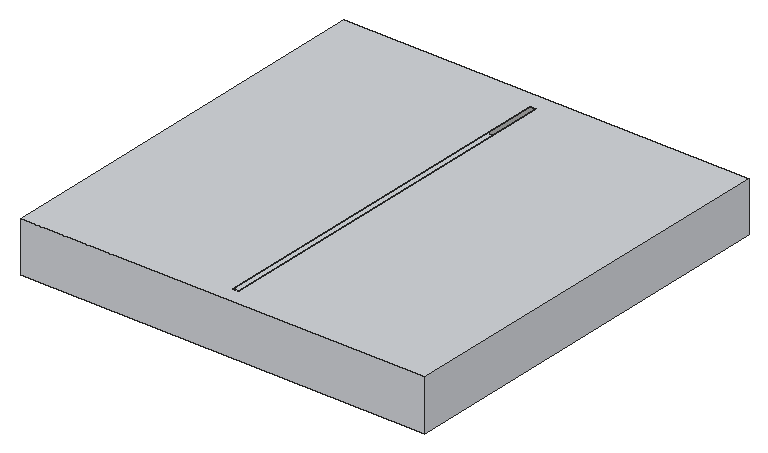
Revit family "LAMP_FIL 35 2240MM OPAL TRIMLESS", category Luminarias, Revit 2018
Family settings
  Anfitrión = Cara
  Cota de conector redondo = Diámetro de uso
  Tipo de pieza = Normal
  Corte con vacíos al cargar = No
  Origen de luz = Sí
  Compartido = No
  Punto de cálculo de habitación = No
Parameters (values of type "2310LM 3000K  WHITE")
  Ángulo de inclinación = -90.00°
  Weight = 4.90 kg
  Wattage = 21.7 W
  Type = "MID POWER TRIDONIC"
  built-in parameter 1150107 = 3000 (stored number, unit not read)
  Recessed dimensions = "2247x52x0"
  built-in parameter 1150110 = 1 (stored number, unit not read)
  built-in parameter 1150109 = 1 (stored number, unit not read)
  built-in parameter 1150112 = 1 (stored number, unit not read)
  built-in parameter 1150113 = 1 (stored number, unit not read)
  built-in parameter 1114218 = 1 (stored number, unit not read)
  Protection rating = "IP20 / IK07"
  Product datasheet = "http://www.lamp.es/product-files/TECH/F31TR224LOOP830NW-EN.pdf"
  Product code = "F31TR224LOOP830NW"
  Product URL = "https://www.lamp.es/en/family/fil-35_413911"
  Power Supply = "220-240V 50/60Hz"
  Power = 22 W
  Plum = 21.7 W
  Photobiological risk = ""
  NOT COVER 2 [instance] = not(END COVER 2)  # no
  NOT COVER 1 [instance] = not(END COVER 1)  # no
  built-in parameter 1150137 = (empty or 0)
  built-in parameter 1150132 = 2
  Modelo = Product code  # "F31TR224LOOP830NW"
  Model Explanation = ""
  Material suspension = LAMP_Acero genérico
  Material perfil = LAMP_Aluminio Perfil Fil BL
  Material difusor = LAMP_PC Difusor Opal Fil
  Manufacturer name = "LAMP"
  Manufacturer country = "Spain"
  Manufacturer URL = "http://www.lamp.es/en"
  MacAdam = "3"
  Longitud de línea de emisión = 2240 mm
  Last update = "07/05/2021"
  Lamp = "MID-POWER LED"
  LED Lifetime = "50.000 L90 B10"
  built-in parameter 1150105 = 913.22 (stored number, unit not read)
  built-in parameter 1150102 = (empty or 0)
  Insulation class = "I"
  Installation instructions = "https://www.lamp.es/product-files/INS/1004590-A%20INSTR.%20FIL35.pdf"
  built-in parameter 1150106 = 9.1322 (stored number, unit not read)
  IEE = "A+"
  Gear = "Electronic"
  Lumens = 2311.05 lm
  Finish = "Matte white RAL 9010"
  Color Filter = 16777215
  built-in parameter 1114217 = 1 (stored number, unit not read)
  built-in parameter 1150139 = (empty or 0)
  Fabricante = Manufacturer name  # "LAMP"
  Default Elevation = 1219.2 mm
  built-in parameter 1150104 = 9.8942 (stored number, unit not read)
  Efficacy = 106.5 lm/W
  END COVER 2 [instance] = yes
  END COVER 1 [instance] = yes
  Dimensions = "2240x51x76"
  Descripción = "FIL35 TRIM 2240 3200 WW OPAL WH."
  built-in parameter 1150115 = 1 (stored number, unit not read)
  built-in parameter 1150114 = 1 (stored number, unit not read)
  built-in parameter 1150138 = (empty or 0)
  built-in parameter 1150134 = 3
  Dimming Lamp Color Temperature Shift = (empty or 0)
  CRI = "80"
  Archivo de red fotométrica = "F31TR224LOOP830NW.IES"
  built-in parameter 1150133 = 10 (stored number, unit not read)
Types (4, lengths in mm): name | built-in parameter 1150107 | Product datasheet | Product code | Modelo | built-in parameter 1150105 | built-in parameter 1150106 | Lumens | built-in parameter 1150104 | Efficacy | Descripción | Archivo de red fotométrica
  2310LM 3000K DALI WHITE | 3000 (stored number, unit not read) | "http://www.lamp.es/product-files/TECH/F31TR224LOOP830DW-EN.pdf" | "F31TR224LOOP830DW" | "F31TR224LOOP830DW" | 913.22 (stored number, unit not read) | 9.1322 (stored number, unit not read) | 2311.05 lm | 9.8942 (stored number, unit not read) | 106.5 lm/W | "FIL35 TRIM 2240 3200 WW OPAL DALI WH." | "F31TR224LOOP830nW.IES"
  2310LM 3000K  WHITE | 3000 (stored number, unit not read) | "http://www.lamp.es/product-files/TECH/F31TR224LOOP830NW-EN.pdf" | "F31TR224LOOP830NW" | "F31TR224LOOP830NW" | 913.22 (stored number, unit not read) | 9.1322 (stored number, unit not read) | 2311.05 lm | 9.8942 (stored number, unit not read) | 106.5 lm/W | "FIL35 TRIM 2240 3200 WW OPAL WH." | "F31TR224LOOP830NW.IES"
  2432LM 4000K DALI WHITE | 4000 (stored number, unit not read) | "http://www.lamp.es/product-files/TECH/F31TR224LOOP840DW-EN.pdf" | "F31TR224LOOP840DW" | "F31TR224LOOP840DW" | 961.24 (stored number, unit not read) | 9.6124 (stored number, unit not read) | 2432.57 lm | 10.414 (stored number, unit not read) | 112.1 lm/W | "FIL35 TRIM 2240 3200 NW OPAL DALI WH." | "F31TR224LOOP840nW.IES"
  2432LM 4000K  WHITE | 4000 (stored number, unit not read) | "http://www.lamp.es/product-files/TECH/F31TR224LOOP840NW-EN.pdf" | "F31TR224LOOP840NW" | "F31TR224LOOP840NW" | 961.24 (stored number, unit not read) | 9.6124 (stored number, unit not read) | 2432.57 lm | 10.414 (stored number, unit not read) | 112.1 lm/W | "FIL35 TRIM 2240 3200 NW OPAL WH." | "F31TR224LOOP840NW.IES"
Reference planes
  plane 1 "Centro (Frontal/Posterior)": y = 0
  plane 2: z = 0
  plane 3 "Centro (Izquierda/Derecha)": x = 0
Forms (mm)
  Extrusion 1, solid
    sketch origin (0, 0, 0) x (1, 0, 0) y (0, 1, 0)
      loop
        line (-1219.2, 1219.2) -> (-1219.2, -1219.2) -> (1219.2, -1219.2) -> (1219.2, 1219.2) -> (-1219.2, 1219.2)
    from 0 to -304.8
  Extrusion 2, solid, material "LAMP_Aluminio Perfil Fil BL" <- "Material perfil"
    sketch origin (0, 0, -281.8) x (1, 0, 0) y (0, 0, 1)
      loop
        line (-17.5, 205.82) -> (0, 205.82) -> (17.5, 205.82) -> (17.5, 270.3) -> (25.5, 270.3) -> (25.5, 271.8) -> (17.5, 271.8) -> (17.5, 280.8) -> (16.5, 281.8) -> (16.5, 259) -> (0, 259) -> (-16.5, 259) -> (-16.5, 281.8) -> (-17.5, 280.8) -> (-17.5, 271.8) -> (-25.5, 271.8) -> (-25.5, 270.3) -> (-17.5, 270.3) -> (-17.5, 205.82)
    from -1120 to 1120
  Extrusion 3, solid, material "LAMP_PC Difusor Opal Fil" <- "Material difusor"
    sketch origin (0, 0, -283) x (1, 0, 0) y (0, 0, 1)
      loop
        line (-16.5, 283) -> (-16.5, 281.8) -> (16.5, 281.8) -> (16.5, 283) -> (-16.5, 283)
    from -1120 to 1120
Text (mm)
  text "Any modification of the parameters and properties of the LAMP BIM models must be executed and validated by the LAMP technical department.\nPhone: +34 93 736 68 00\nE-mail: lamp@lamp.es\n\nLAMP reserves the right to modify the technical specifications of its products." at (3132.481, 5298.258, -2877.568), in view "Preview"
Dimensions and locks
  aligned and locked: plane 2 to Extrusion 1
  aligned and locked: level to Extrusion 1
Nested families
  nested 1: "LAMP_FIL 35 END COVER TRIMLESS" at (0, -1121, -76), visible <- "END COVER 1", type "Blanco"
  nested 2: "LAMP_FIL 35 END COVER TRIMLESS" at (0, 1121, -76), visible <- "END COVER 2", type "Blanco"
Connectors
  electrical at (0, 0, -75.3)
    settings: on Extrusion 2, index 1, voltage 230 V, apparent load 0 VA, apparent load phase1 0 VA, apparent load phase2 0 VA, apparent load phase3 0 VA, power factor 1, load classification "Otro", number of poles 1, system type 31, power factor state 1, is connector primary yes, connector utility no, sub classification motor no, connector description ""
Definition of nested family "LAMP_FIL 35 END COVER TRIMLESS"
  Parameters (values of type "Blanco")
    Material tapa = none
  Reference planes
    plane 1 "Centro (Frontal/Posterior)": y = 0
    plane 2: z = 0
    plane 3 "Centro (Izquierda/Derecha)": x = 0
  Forms (mm)
    Extrusion 1, solid, material <- "Material tapa"
      sketch origin (0, 0, 0) x (0, -1, 0) y (0, 0, 1)
        loop
          line (0, 0) -> (1, 0) -> (1, 76) -> (-1, 76) -> (-1, 0) -> (0, 0)
      from -17.5 to 17.5
    Extrusion 2, void
      sketch origin (-1, 0, 65.55) x (1, 0, 0) y (0, 0, 1)
        loop
          line (18.5, 0) -> (18.5, 10.45) -> (17.5, 10.45) -> (17.5, 0) -> (18.5, 0)
      from -23.5 to 23.5
    Extrusion 3, void
      sketch origin (1, 0, 65.55) x (-1, 0, 0) y (0, 0, -1)
        loop
          line (18.5, 0) -> (17.5, 0) -> (17.5, -10.45) -> (18.5, -10.45) -> (18.5, 0)
      from -23.5 to 23.5
  Cuts and joins
    Extrusion 2, Extrusion 3 cuts Extrusion 1
  Dimensions and locks
    aligned and locked: level to plane 2
